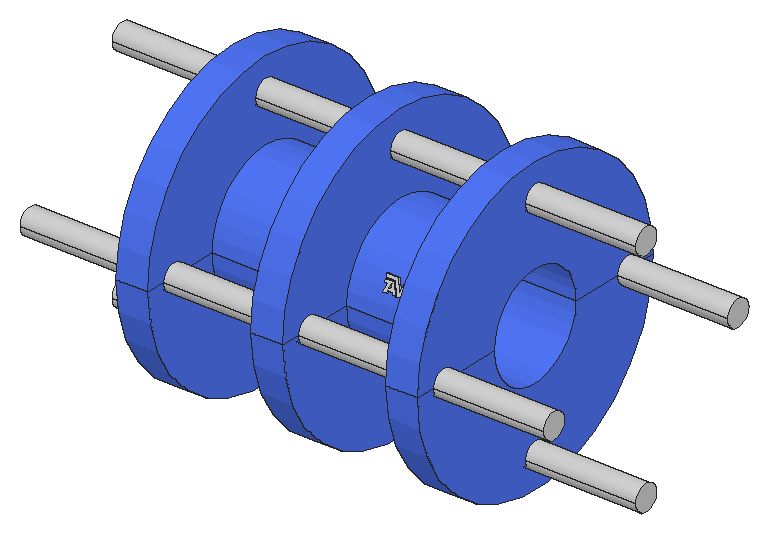
Revit family "873-00-001-DN40-65", category Pipe Accessories, Revit 2019
Family settings
  Round Connector Dimension = Use Diameter
  Part Type = Valve - Breaks Into
  Work Plane-Based = No
  Always vertical = Yes
  Cut with Voids When Loaded = No
  Shared = No
Parameters (values of type "DN65")
  d2 = size_lookup(Search_table, "d2", 0 mm, DN) / 2  # 92.5 mm
  d1 = size_lookup(Search_table, "d1", 0 mm, DN)  # 145 mm
  URL product pages = "https://www.avkvalves.com/P.aspx?no=873004000141000"
  T = 16 mm  # constant formula
  L = size_lookup(Search_table, "L", 0 mm, DN)  # 330 mm
  Id(Radius) = DN / 2  # 32.5 mm
  Flange_thickness = 20 mm  # constant formula
  Description_ = "AVK DISMANTLING JOINT"
  DN = 65 mm
  Search_table = "873-00-001-DN40-65"
  Body_Wallthicknss = 10 mm  # constant formula
  A = size_lookup(Search_table, "A", 0 mm, DN)  # 190 mm
  873-0065-00-141000 = "DN65_PN16"
  873-0050-00-141000 = "DN50_PN16"
  873-0040-00-141000 = "DN40_PN16"
Types (4, lengths in mm): name | d2 | d1 | L | Id(Radius) | DN | A
  (no name) | 92.5 | 145 | 330 | 32.5 | 65 | 190
  DN40 | 75 | 110 | 280 | 20 | 40 | 165
  DN50 | 82.5 | 125 | 330 | 25 | 50 | 155
  DN65 | 92.5 | 145 | 330 | 32.5 | 65 | 190
Reference planes
  plane 1 "Center (Front/Back)": y = 0
  plane 2: z = 0
  plane 3 "Center (Left/Right)": x = 0
  plane 4: y = 32.5
  plane 5: y = -30
  plane 6: z = 72.5
  plane 7: z = -72.5
  plane 8: y = 72.5
  plane 9: y = -72.5
  plane 10: x = -165
  plane 11: x = 165
  plane 12: x = -95
  plane 13: x = 95
  plane 14: z = 92.5
  plane 15: z = -92.5
Forms (mm)
  Revolve 1, solid, material "Plastic"
    sketch origin (0, 0, 0) x (1, 0, 0) y (0, 1, 0)
      loop
        line (-75, 92.5) -> (-95, 92.5) -> (-95, 32.5) -> (95, 32.5) -> (95, 92.5) -> (75, 92.5) -> (75, 42.5) -> (10, 42.5) -> (10, 92.5) -> (-10, 92.5) -> (-10, 42.5) -> (-75, 42.5) -> (-75, 92.5)
      axis (-95, 0) -> (95, 0)
    angle from 0 to 360
  Extrusion 2, solid, material "Stainless Steel AISI 304"
    sketch origin (0, 0, 0) x (0, 1, 0) y (0, 0, 1)
      loop
        circle (0, 72.5) r 8
      loop
        circle (-72.5, 0) r 8
      loop
        circle (0, -72.5) r 8
      loop
        circle (72.5, 0) r 8
    from -165 to 165
Dimensions and locks
  "Flange_thickness": Revolve 1 sketch curve to Revolve 1 sketch curve  (x3)
  equal spacing: Revolve 1 sketch curve, plane 3 "Center (Left/Right)", Revolve 1 sketch curve  (x2)
  "A": Revolve 1 sketch curve to Revolve 1 sketch curve
  "Id(Radius)": plane 1 "Center (Front/Back)" to Revolve 1 sketch curve
  "Body_Wallthicknss": Revolve 1 sketch curve to Revolve 1 sketch curve
  "d2": plane 1 "Center (Front/Back)" to Revolve 1 sketch curve
  equal spacing: plane 6, level, plane 7
  equal spacing: plane 8, plane 1 "Center (Front/Back)", plane 9
  "d1": plane 8 to plane 9
  "d1": plane 6 to plane 7
  equal spacing: Extrusion 2 sketch curve, level, Extrusion 2 sketch curve
  equal spacing: Extrusion 2 sketch curve, plane 1 "Center (Front/Back)", Extrusion 2 sketch curve
  "d1": Extrusion 2 sketch curve to Extrusion 2 sketch curve  (x2)
  equal spacing: plane 11, plane 3 "Center (Left/Right)", plane 10
  "L": plane 11 to plane 10
  equal spacing: plane 13, plane 3 "Center (Left/Right)", plane 12
  "A": plane 13 to plane 12
  plane 6 to plane 7 = 145 mm
  equal spacing: plane 14, level, plane 15
  "d2": plane 14 to level
  plane 14 to plane 15 = 185 mm
  "T": diameter of Extrusion 2 sketch curve  (x4)
  aligned and locked: level to plane 2
  aligned and locked: Revolve 1 sketch curve to Revolve 1 sketch curve  (x3)
  aligned and locked: plane 1 "Center (Front/Back)" to Revolve 1 sketch curve
  aligned and locked: Extrusion 2 to plane 10
  aligned and locked: plane 11 to Extrusion 2
  aligned and locked: plane 12 to Revolve 1
  aligned and locked: plane 13 to Revolve 1
Automatic sketch dimensions
  Revolve 1 sketch curve to plane 3 "Center (Left/Right)" = 37.5 mm
  plane 3 "Center (Left/Right)" to Revolve 1 sketch curve = 37.5 mm
  Extrusion 2 sketch curve to plane 1 "Center (Front/Back)" = 0 mm  (x2)
  Extrusion 2 sketch curve to level = 0 mm  (x2)
Nested families
  nested 1: "Latest 1 - Copy" at (41.73, -39.837, 14.808) x (1, 0, 0) z (0, -0.9373, 0.3484), type "Latest 1 - Copy"
Connectors
  piping at (95, 0, 0), diameter 65, driven by "DN"
    settings: on Revolve 1, index 1, connector inside diameter 609.6 mm, connector length 0 mm, flow factor 0, pipe flow 0.0 L/s, pressure drop 0.0 Pa, fitting loss kfactor 0, connector angle 0.00°, fixture units 0, engagement length 0 mm, angle of deflection 0.00°, flow configuration 0, flow direction 0, fitting loss method 0, system type 7, joint type 0, gender type 0, connector reference index -1, connector utility 0, adjustable connector no, is connector primary yes, connector description ""
  piping at (-95, 0, 0), diameter 65, driven by "DN"
    settings: on Revolve 1, index 2, connector inside diameter 609.6 mm, connector length 0 mm, flow factor 0, pipe flow 0.0 L/s, pressure drop 0.0 Pa, fitting loss kfactor 0, connector angle 0.00°, fixture units 0, engagement length 0 mm, angle of deflection 0.00°, flow configuration 0, flow direction 0, fitting loss method 0, system type 7, joint type 0, gender type 0, connector reference index -1, connector utility 0, adjustable connector no, is connector primary no, connector description ""
Definition of nested family "Latest 1 - Copy"
  Parameters
    Default Elevation = 1219.2 mm
  Reference planes
    plane 1 "Center (Front/Back)": y = 0
    plane 2: z = 0
    plane 3 "Center (Left/Right)": x = 0
  Forms (mm)
    Extrusion 1, solid
      sketch origin (0, 0, 0) x (1, 0, 0) y (0, 1, 0)
        loop
          line (-1219.2, 1219.2) -> (-1219.2, -1219.2) -> (1219.2, -1219.2) -> (1219.2, 1219.2) -> (-1219.2, 1219.2)
      from 0 to -304.8
    Extrusion 2, solid
      sketch origin (0, 0, 0) x (1, 0, 0) y (0, 1, 0)
        loop
          line (-2.683, 9.413) -> (-9.884, 9.413) -> (-9.884, 7.46) -> (-4.022, 7.46) -> (-0.985, 0) -> (0.985, 0) -> (4.022, 7.46) -> (9.884, 7.46) -> (9.884, 9.413) -> (2.683, 9.413) -> (0, 2.824) -> (-2.683, 9.413)
        loop
          line (-4.528, 6.707) -> (-9.884, 6.707) -> (-9.884, 4.824) -> (-8.032, 4.824) -> (-9.884, 0) -> (-7.792, 0) -> (-7.394, 1.035) -> (-4.328, 1.035) -> (-3.907, 0) -> (-1.798, 0) -> (-4.528, 6.707)
        loop
          line (-6.91, 2.824) -> (-5.056, 2.824) -> (-6.01, 5.167) -> (-6.91, 2.824)
        loop
          line (1.798, 0) -> (3.907, 0) -> (4.98, 2.637) -> (6.968, 0) -> (9.413, 0) -> (7.166, 2.983)
          arc (7.166, 2.983) -> (8.216, 3.774) -> (9.007, 4.824) r 4.724
          line (9.007, 4.824) -> (9.884, 4.824) -> (9.884, 6.707) -> (8.001, 6.707)
          arc (8.001, 6.707) -> (7.315, 5.008) -> (5.642, 4.261) r 2.448
          line (5.642, 4.261) -> (6.637, 6.707) -> (4.528, 6.707) -> (1.798, 0)
      from 0 to 1
  Dimensions and locks
    aligned and locked: plane 2 to Extrusion 1
    aligned and locked: level to Extrusion 1
    aligned and locked: Extrusion 2 sketch curve to import instance  (x30)
